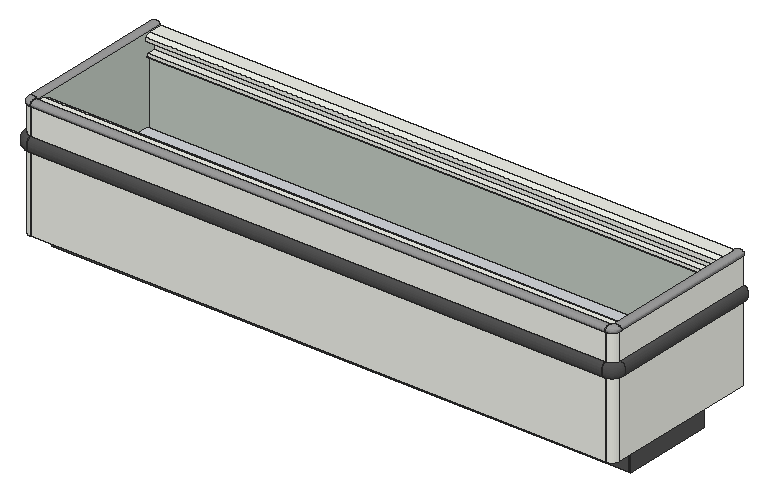
Revit family "F_2014", category Specialty Equipment, Revit 2014
Parameters (values of type "12'-0" Length")
  Width = 144 1/2"
  Waste Drain = 1 1/4"  # constant formula
  URL = "www.hussmann.com"
  Type Comments = "Excel"  # constant formula
  Trim = Stainless Steel
  Total Weight = Case Weight + (2 * End Weight)  # 1300.00 lbf
  Splashguard = Textured Sheet Metal (Steel Painted) - 701 Black
  Side Panel - Right [instance] = yes
  Side Panel - Left [instance] = yes
  Shelves = none
  Revit Family Date = "08/30/2016"  # constant formula
  Refrigeration Lines Suction = 5/8"  # constant formula
  Refrigeration Lines Liquid = 3/8"  # constant formula
  Refrig. Suction = "Suction"
  Refrig. Liquid = "Liquid"
  Number of Supports = if(Width < 50", 2, if(Width < 100", 3, 4))  # 4
  Note from Manufacturer = "This model only comes in 8'-0\" and 12'-0\" lengths."
  Model URL = "http://www.hussmann.com/en/product%20viewer/display-cases/F,%20FG"
  Model = "F"  # constant formula
  Manufacturer Disclaimer = "The information in this file is not intended to be an exact representation of the corresponding Hussmann product.  Further, we reserve the right to change or revise specifications and product design in connection with any feature of our products. Such changes do not entitle the buyer to corresponding changes, improvements, additions, or replacements for equipment previously sold or shipped."  # constant formula
  Manufacturer = "Hussmann Corporation"  # constant formula
  Height = 36 1/4"  # constant formula
  Glazing = none
  Ends = Textured Sheet Metal (Steel Painted) - 149 White Satin Matte
  End Weight = 50.00 lbf  # constant formula
  Description = "Single-Deck Wall Model for Frozen Food, Ice Cream or Medium Temp"  # constant formula
  Depth = 42"  # constant formula
  Cutsheet URL = "http://www.hussmann.com/en/Technical%20Documents/0465894_F_F_EN.pdf"
  Close Off Panel = Textured Sheet Metal (Steel Painted) - 701 Black
  Clearance [instance] = yes
  Case Weight = if(Width = 96 3/8", 1000.00 lbf, if(Width = 144 1/2", 1200.00 lbf, 0.00 lbf))  # 1200.00 lbf
  Case Interior - Side Panel = Mirror
  Case Interior - Back Panel = Mirror
  Case = Textured Sheet Metal (Steel Painted) - 149 White Satin Matte
  Bumper = Extruded PVC - 701 Black
  Back Clearance = 3"  # constant formula
  Assembly Code = ""
  Accessories/Options = ""
Types (3): name | Width | Trim | Total Weight | Number of Supports | Case Weight | Case Interior - Side Panel | Case Interior - Back Panel
  (no name) | 144 1/2" | Stainless Steel | 1300.00 lbf | 4 | 1200.00 lbf | Mirror | Mirror
  12'-0" Length | 144 1/2" | Stainless Steel | 1300.00 lbf | 4 | 1200.00 lbf | Mirror | Mirror
  8'-0" Length | 96 3/8" | Plastic - 144 Mist Gray | 1100.00 lbf | 3 | 1000.00 lbf | none | none
Reference planes (in)
  plane 1 "Back": y = 0
  plane 2 "Bottom": z = 0
  plane 3 "Top": z = 36.25
  plane 4 "Left": x = -77.30699
  plane 5 "Front": y = -42
  plane 6 "Center (Left/Right)": x = -5.05699
  plane 7: y = 3
  plane 8 "Right": x = 67.19301
Forms (in)
  Extrusion 1, solid, material "Metal - Copper"
    sketch origin (63.0625, 1.04319, 0) x (1, 0, 0) y (0, 1, 0)
      loop
        arc (-7.99449, -32.04319) -> (-8.43643, -32.22625) -> (-8.61949, -32.66819) r 0.625
        arc (-8.61949, -32.66819) -> (-8.43643, -33.11013) -> (-7.99449, -33.29319) r 0.625
        arc (-7.99449, -33.29319) -> (-7.55254, -33.11013) -> (-7.36949, -32.66819) r 0.625
        arc (-7.36949, -32.66819) -> (-7.55254, -32.22625) -> (-7.99449, -32.04319) r 0.625
      loop
        circle (-7.99449, -32.66819) r 0.5852
    from 6.42413 to 3.51473
  Extrusion 2, solid, material "Metal - Copper"
    sketch origin (57.40105, 5, -0.375) x (1, 0, 0) y (0, 1, 0)
      loop
        circle (1.47946, -31.25) r 0.28859
      loop
        circle (1.47946, -31.25) r 0.3125
    from 4.26162 to 0.375
  Extrusion 3, solid, material "Metal - Copper"
    sketch origin (59.82608, 5, -0.375) x (1, 0, 0) y (0, 1, 0)
      loop
        circle (-0.44557, -31.25) r 0.17188
      loop
        circle (-0.44557, -31.25) r 0.1875
    from 4.26162 to 0.375
  Extrusion 4, solid, material "Metal - Copper"
    sketch origin (-56.6875, 1.04319, 0) x (1, 0, 0) y (0, 1, 0)
      loop
        arc (-8.49449, -32.04319) -> (-8.93643, -32.22625) -> (-9.11949, -32.66819) r 0.625
        arc (-9.11949, -32.66819) -> (-8.93643, -33.11013) -> (-8.49449, -33.29319) r 0.625
        arc (-8.49449, -33.29319) -> (-8.05254, -33.11013) -> (-7.86949, -32.66819) r 0.625
        arc (-7.86949, -32.66819) -> (-8.05254, -32.22625) -> (-8.49449, -32.04319) r 0.625
      loop
        circle (-8.49449, -32.66819) r 0.5852
    from 6.42413 to 3.51473
  Extrusion 5, solid, material "Textured Sheet Metal (Steel Painted) - 149 White Satin Matte" <- "Case"
    sketch origin (-77.30699, 0, 0) x (0, 1, 0) y (0, 0, 1)
      loop
        line (-40.67411, 35.25) -> (-40.67411, 5.5) -> (-39.74516, 5.5) -> (-40.01909, 5.65823)
        arc (-40.01909, 5.65823) -> (-40.13349, 5.80284) -> (-40.11763, 5.98655) r 0.25
        line (-40.11763, 5.98655) -> (-38.96324, 8.29442) -> (-33.66557, 5.5) -> (-7.03566, 5.5) -> (0, 9.27218) -> (0, 35.25) -> (-3.61791, 35.25) -> (-4.73694, 34.69958) -> (-4.73694, 33.68893) -> (-2.15316, 33.68893) -> (-2.15316, 30.73195) -> (-4.10027, 30.73195) -> (-4.10027, 29.82853) -> (-3.64955, 29.45487) -> (-3.64955, 13.61303) -> (-37.02455, 13.61303) -> (-37.02455, 29.45487) -> (-36.47475, 29.8883) -> (-36.47475, 30.51434) -> (-38.50138, 30.51434) -> (-38.50138, 33.89417) -> (-35.70058, 33.89417) -> (-35.70058, 34.63371) -> (-36.86318, 35.25) -> (-40.67411, 35.25)
    from 0 to 144.5 <- "Width"
  Extrusion 6, solid, material "Extruded PVC - 701 Black" <- "Bumper"
    sketch origin (-77.30699, 0, 0) x (0, 1, 0) y (0, 0, 1)
      loop
        line (-40.67411, 24.69898) -> (-40.67411, 28.05102)
        spline (-40.67411, 28.05102) -> (-41.00406, 28.05295) -> (-41.32096, 27.91826) -> (-41.59899, 27.65791) -> (-41.81553, 27.2931) -> (-41.95292, 26.85353) -> (-42, 26.375) -> (-41.95292, 25.89647) -> (-41.81553, 25.4569) -> (-41.59899, 25.09209) -> (-41.32096, 24.83174) -> (-41.00406, 24.69705) -> (-40.67411, 24.69898)
    from 0 to 144.5 <- "Width"
  Extrusion 7, solid, material "Stainless Steel" <- "Trim"
    sketch origin (-77.30699, 0, 0) x (0, 1, 0) y (0, 0, 1)
      loop
        line (-40.67411, 34.70462) -> (-40.67411, 35.25) -> (-38.59899, 35.25)
        spline (-38.59899, 35.25) -> (-38.70255, 35.46124) -> (-38.89972, 35.64333) -> (-39.17272, 35.77984) -> (-39.49693, 35.85845) -> (-39.84308, 35.87207) -> (-40.17996, 35.81948) -> (-40.47718, 35.70542) -> (-40.70792, 35.54017) -> (-40.85137, 35.33866) -> (-40.89458, 35.11904) -> (-40.83366, 34.90114) -> (-40.67411, 34.70462)
    from 0 to 144.5 <- "Width"
  Extrusion 8, solid, material "Textured Sheet Metal (Steel Painted) - 701 Black" <- "Splashguard"
    sketch origin (-77.30699, 0, 0) x (0, 1, 0) y (0, 0, 1)
      loop
        line (-33.5, 5.12951) -> (-33.5, 0) -> (-32.9974, 0) -> (-32.9974, 5.45339) -> (-33.2674, 5.45339) -> (-33.5, 5.12951)
      loop
        line (-9.89705, 5.5) -> (-10.54366, 5.5) -> (-10.54366, 4.595) -> (-10.375, 4.595) -> (-10.375, 0) -> (-10.20634, 0) -> (-10.20634, 4.595) -> (-9.89705, 4.595) -> (-9.89705, 5.5)
    from 0 to 144.5 <- "Width"
  Extrusion 9, solid, material <- "Shelves"
    sketch origin (-77.30699, 0, 0) x (0, 1, 0) y (0, 0, 1)
      loop
        line (-36.44736, 14.20487) -> (-36.44736, 13.61303) -> (-4.25873, 13.61303) -> (-4.25873, 14.20487) -> (-36.44736, 14.20487)
    from 0 to 144.5 <- "Width"
Lines and regions (in)
  reference lines
    curve 1: line (-74.80699, -42, 0) -> (-74.80699, 0, 0)
    curve 2: line (-65.18199, -42, 0) -> (-65.18199, 0, 0)
    curve 3: line (55.06801, -42, 0) -> (55.06801, 0, 0)
    curve 4: line (64.69301, -42, 0) -> (64.69301, 0, 0)
    curve 5: line (59.19301, -42, 0) -> (59.19301, 0, 0)
    curve 6: line (-77.30699, -31.625, 0) -> (67.19301, -31.625, 0)
    curve 7: line (67.19301, -26.25, 0) -> (-77.30699, -26.25, 0)
  symbolic lines, style "Clearance", visible <- "Clearance"
    curve 8: line (-77.30699, 0, 0) -> (-77.30699, 3, 0)
    curve 9: line (-77.30699, 3, 0) -> (67.19301, 3, 0)
    curve 10: line (67.19301, 3, 0) -> (67.19301, 0, 0)
Dimensions and locks (in)
  equal spacing: plane 4 "Left", plane 6 "Center (Left/Right)", plane 8 "Right"
  "Width": plane 4 "Left" to plane 8 "Right"
  locked: plane 4 "Left" to curve 1 at 2.5
  locked: plane 4 "Left" to curve 2 at 12.125
  locked: curve 4 to plane 8 "Right" at 2.5
  locked: curve 3 to plane 8 "Right" at 12.125
  "Depth": plane 5 "Front" to plane 1 "Back"
  "Back Clearance": plane 1 "Back" to plane 7
  locked: curve 5 to plane 8 "Right" at 8
  "Height": plane 3 "Top" to level
  locked: plane 1 "Back" to curve 6 at 31.625
  locked: plane 1 "Back" to curve 7 at 26.25
  locked: Extrusion 4 sketch curve to Extrusion 4 sketch curve at 0.0398
  locked: Extrusion 1 sketch curve to Extrusion 1 sketch curve at 0.0398
  locked: Extrusion 3 sketch curve to Extrusion 3 sketch curve at 0.01562
  locked: Extrusion 2 sketch curve to Extrusion 2 sketch curve at 0.02391
  equal spacing: group 1, group 3, group 4, group 2  (x3)
  "Waste Drain": diameter of Extrusion 4 sketch curve
  "Waste Drain": diameter of Extrusion 1 sketch curve
  "Refrigeration Lines Liquid": diameter of Extrusion 3 sketch curve
  "Refrigeration Lines Suction": diameter of Extrusion 2 sketch curve
  aligned and locked: plane 5 "Front" to curve 3
  aligned and locked: plane 5 "Front" to curve 4
  aligned and locked: plane 5 "Front" to curve 2
  aligned and locked: plane 5 "Front" to curve 1
  aligned and locked: plane 4 "Left" to curve 6
  aligned and locked: plane 4 "Left" to curve 7
  aligned and locked: plane 8 "Right" to curve 7
  aligned and locked: plane 8 "Right" to curve 6
  aligned and locked: Extrusion 2 to level
  aligned and locked: Extrusion 3 to level
  aligned and locked: curve 7 to Extrusion 3 sketch curve  (x4)
  aligned and locked: curve 7 to Extrusion 2 sketch curve  (x4)
  aligned and locked: curve 6 to Extrusion 1 sketch curve  (x3)
  aligned and locked: curve 6 to Extrusion 4 sketch curve
  aligned and locked: curve 2 to Extrusion 4 sketch curve
  aligned and locked: curve 3 to Extrusion 1 sketch curve
  aligned and locked: curve 5 to Extrusion 3 sketch curve
  aligned and locked: curve 5 to Extrusion 2 sketch curve
  aligned and locked: curve 1 to nested 1
  aligned and locked: curve 4 to nested 2
  aligned and locked: plane 1 "Back" to nested 4
  aligned and locked: plane 4 "Left" to nested 4
  aligned and locked: plane 8 "Right" to nested 5
  aligned and locked: nested 5 to plane 1 "Back"
Automatic sketch dimensions
  curve 5 to plane 5 "Front" = 0"
  plane 1 "Back" to curve 3 = 0"
  plane 1 "Back" to curve 2 = 0"
  plane 1 "Back" to curve 1 = 0"
  plane 1 "Back" to curve 4 = 0"
  plane 1 "Back" to curve 5 = 0"
  Extrusion 5 sketch curve to plane 1 "Back" = 0"
  plane 1 "Back" to Extrusion 5 sketch curve = 2.15316"
  plane 3 "Top" to Extrusion 5 sketch curve = 1"  (x2)
  Extrusion 5 sketch curve to Extrusion 5 sketch curve = 1.46475"
  plane 1 "Back" to Extrusion 5 sketch curve = 3.64955"
  Extrusion 5 sketch curve to Extrusion 5 sketch curve = 0.45072"
  Extrusion 5 sketch curve to Extrusion 5 sketch curve = 1.11903"
  plane 1 "Back" to Extrusion 5 sketch curve = 7.03566"
  plane 5 "Front" to Extrusion 5 sketch curve = 8.33443"
  plane 3 "Top" to Extrusion 5 sketch curve = 1.61629"
  Extrusion 5 sketch curve to Extrusion 5 sketch curve = 0.77417"
  Extrusion 5 sketch curve to Extrusion 5 sketch curve = 1.1626"
  Extrusion 5 sketch curve to Extrusion 5 sketch curve = 0.5498"
  Extrusion 5 sketch curve to Extrusion 5 sketch curve = 1.47683"
  plane 5 "Front" to Extrusion 5 sketch curve = 3.03676"
  plane 5 "Front" to Extrusion 5 sketch curve = 2.25484"
  Extrusion 5 sketch curve to Extrusion 5 sketch curve = 0.14888"
  Extrusion 5 sketch curve to Extrusion 5 sketch curve = 0.12505"
  Extrusion 5 sketch curve to Extrusion 5 sketch curve = 0.22359"
  Extrusion 5 sketch curve to Extrusion 5 sketch curve = 0.73954"
  Extrusion 5 sketch curve to Extrusion 5 sketch curve = 1.56107"
  Extrusion 5 sketch curve to Extrusion 5 sketch curve = 2.95699"
  Extrusion 5 sketch curve to Extrusion 5 sketch curve = 3.37984"
  Extrusion 5 sketch curve to Extrusion 5 sketch curve = 0.62604"
  Extrusion 5 sketch curve to Extrusion 5 sketch curve = 0.90341"
  Extrusion 5 sketch curve to Extrusion 5 sketch curve = 0.43343"
  Extrusion 5 sketch curve to Extrusion 5 sketch curve = 0.37366"
  Extrusion 5 sketch curve to Extrusion 5 sketch curve = 4.34085"
  Extrusion 5 sketch curve to Extrusion 5 sketch curve = 5.31862"
  Extrusion 5 sketch curve to Extrusion 5 sketch curve = 2.30787"
  Extrusion 5 sketch curve to Extrusion 5 sketch curve = 0.11184"
  level to Extrusion 5 sketch curve = 5 1/2"  (x2)
  Extrusion 5 sketch curve to Extrusion 5 sketch curve = 0.15823"
  Extrusion 5 sketch curve to Extrusion 5 sketch curve = 1.01065"
  Extrusion 5 sketch curve to Extrusion 5 sketch curve = 0.65502"
  Extrusion 5 sketch curve to Extrusion 5 sketch curve = 2.17272"
  plane 5 "Front" to Extrusion 6 sketch curve = 1.15634"
  Extrusion 6 sketch curve to Extrusion 6 sketch curve = 0.16956"
  Extrusion 6 sketch curve to Extrusion 6 sketch curve = 1.67602"
  Extrusion 6 sketch curve to Extrusion 6 sketch curve = 0.01831"
  plane 5 "Front" to Extrusion 7 sketch curve = 1.32589"
  Extrusion 7 sketch curve to Extrusion 7 sketch curve = 0.93383"
  Extrusion 7 sketch curve to Extrusion 7 sketch curve = 1.14129"
  Extrusion 7 sketch curve to Extrusion 7 sketch curve = 0.0134"
  plane 3 "Top" to Extrusion 7 sketch curve = 1.11193"
  Extrusion 7 sketch curve to Extrusion 7 sketch curve = 0.54538"
  plane 5 "Front" to Extrusion 9 sketch curve = 5.55264"
  Extrusion 9 sketch curve to Extrusion 9 sketch curve = 0.59184"
  plane 1 "Back" to Extrusion 9 sketch curve = 4.25873"
  plane 1 "Back" to curve 8 = 0"
  plane 1 "Back" to curve 10 = 0"
  curve 8 to plane 4 "Left" = 0"
  curve 10 to plane 7 = 0"
  curve 10 to plane 8 "Right" = 0"
  Extrusion 8 sketch curve to level = 0"  (x2)
  plane 5 "Front" to Extrusion 8 sketch curve = 8 1/2"
  Extrusion 8 sketch curve to Extrusion 8 sketch curve = 0.2326"
  Extrusion 8 sketch curve to Extrusion 8 sketch curve = 0.27001"
  level to Extrusion 8 sketch curve = 4.595"
  plane 1 "Back" to Extrusion 8 sketch curve = 10.54366"
  Extrusion 8 sketch curve to Extrusion 8 sketch curve = 0.16866"  (x2)
  Extrusion 8 sketch curve to Extrusion 8 sketch curve = 0.6466"
  Extrusion 8 sketch curve to Extrusion 8 sketch curve = 0"
  Extrusion 8 sketch curve to Extrusion 8 sketch curve = 5.12951"
  Extrusion 8 sketch curve to Extrusion 8 sketch curve = 0.32388"
  Extrusion 8 sketch curve to Extrusion 8 sketch curve = 0.905"
  plane 3 "Top" to Extrusion 6 sketch curve = 11.55102"
  level to Extrusion 9 sketch curve = 13.61303"
  Extrusion 1 sketch curve to Extrusion 1 sketch curve = 0"  (x2)
  Extrusion 2 sketch curve to Extrusion 2 sketch curve = 0"
  Extrusion 3 sketch curve to Extrusion 3 sketch curve = 0"
  Extrusion 4 sketch curve to Extrusion 4 sketch curve = 0"  (x3)
Nested families (in)
  nested 1: "Floor Support-Low Profile" at (-74.6875, -10.375, 0), type "Floor Support-Low Profile"
    with Depth 19 7/8"
  nested 2: "Floor Support-Low Profile" at (64.8125, -10.375, 0), type "Floor Support-Low Profile"
    with Depth 19 7/8"
  nested 3: "Floor Support-Low Profile" at (-28.1875, -10.375, 0), type "Floor Support-Low Profile"
    with Depth 19 7/8"
  nested 4: "F-End Panel" at (-77.30699, 0, 0), visible <- "Side Panel - Left", type "F-End Panel"
  nested 5: "F-End Panel" at (67.19301, 0, 0) x (-1, 0, 0) z (0, 0, 1), visible <- "Side Panel - Right", type "F-End Panel"
  nested 6: "Floor Support-Low Profile" at (18.3125, -10.375, 0), type "Floor Support-Low Profile"
    with Depth 19 7/8"
Connectors (in)
  piping at (55.06801, -31.625, 3.51473), diameter 1.25, driven by "Waste Drain"
    settings: on Extrusion 1, index 8, connector inside diameter 1 1/4", connector length 0", flow factor 0, pipe flow 0 GPM, pressure drop 0.00 psi, fitting loss kfactor 0, connector angle 0.00°, fixture units 0, engagement length 0", angle of deflection 0.00°, flow configuration 0, flow direction 0, fitting loss method 0, system type 16, joint type 0, gender type 0, connector reference index -1, connector utility 0, adjustable connector no, is connector primary yes, connector description "1 1/4\""
  piping at (58.88051, -26.25, 0), diameter 0.625, driven by "Refrig. Suction", driven by "Refrigeration Lines Suction"
    settings: on Extrusion 2, index 9, connector inside diameter 7/8", connector length 0", flow factor 0, pipe flow 0 GPM, pressure drop 0.00 psi, fitting loss kfactor 0, connector angle 0.00°, fixture units 0, engagement length 0", angle of deflection 0.00°, flow configuration 0, flow direction 2, fitting loss method 0, system type 22, joint type 0, gender type 0, connector reference index -1, connector utility 0, adjustable connector no, is connector primary no, connector description "Suction"
  piping at (59.38051, -26.25, 0), diameter 0.375, driven by "Refrig. Liquid", driven by "Refrigeration Lines Liquid"
    settings: on Extrusion 3, index 10, connector inside diameter 3/8", connector length 0", flow factor 0, pipe flow 0 GPM, pressure drop 0.00 psi, fitting loss kfactor 0, connector angle 0.00°, fixture units 0, engagement length 0", angle of deflection 0.00°, flow configuration 0, flow direction 1, fitting loss method 0, system type 22, joint type 0, gender type 0, connector reference index -1, connector utility 0, adjustable connector no, is connector primary no, connector description "Liquid"
  piping at (-65.18199, -31.625, 3.51473), diameter 1.25, driven by "Waste Drain"
    settings: on Extrusion 4, index 11, connector inside diameter 1 1/4", connector length 0", flow factor 0, pipe flow 0 GPM, pressure drop 0.00 psi, fitting loss kfactor 0, connector angle 0.00°, fixture units 0, engagement length 0", angle of deflection 0.00°, flow configuration 0, flow direction 0, fitting loss method 0, system type 16, joint type 0, gender type 0, connector reference index -1, connector utility 0, adjustable connector no, is connector primary no, connector description ""
Definition of nested family "Floor Support-Low Profile"
  Parameters (values of type "Floor Support-Low Profile")
    Width = 4 1/4"
    URL = "www.hussmann.com"
    Type Comments = ""
    Revit Family Date = "06/25/2015"
    Model = ""
    Manufacturer = "Hussmann Corporation"
    Height = 2.18201"
    Floor Support = none
    Description = ""
    Depth = 26.227"
    Assembly Code = ""
    Accessories/Options = ""
  Reference planes (in)
    plane 1 "Back": y = 0
    plane 2 "Bottom": z = 0
    plane 3 "Top": z = 2.18201
    plane 4 "Left": x = -2.24449
    plane 5 "Right": x = 2.00551
    plane 6 "Front": y = -26.227
    plane 7 "Center (Left/Right)": x = -0.11949
  Forms (in)
    Extrusion 1, solid, material <- "Floor Support"
      sketch origin (-0.11949, 0, 0) x (0, 1, 0) y (0, 0, 1)
        loop
          line (-0.49701, 1.25001) -> (-0.49701, 0.05701) -> (-2.88301, 0.05701) -> (-2.88301, 1.25001) -> (-3.57001, 1.25001) -> (-3.57001, 1.193) -> (-2.94002, 1.193) -> (-2.94002, 0) -> (-0.44, 0) -> (-0.44, 1.25001) -> (-0.49701, 1.25001)
      from 2.125 to -2.125
    Extrusion 2, solid, material <- "Floor Support"
      sketch origin (-0.11949, 0, 0) x (0, 1, 0) y (0, 0, 1)
        loop
          line (-26.227, 2.18201) -> (-26.227, 1.25001) -> (0, 1.25001) -> (0, 3.38976) -> (-2.27145, 2.18201) -> (-26.227, 2.18201)
      from 2.125 to -2.125
    Extrusion 3, solid, material <- "Floor Support"
      sketch origin (-0.11949, -26.227, 0) x (0, -1, 0) y (0, 0, -1)
        loop
          line (-0.49701, -1.25001) -> (-0.44, -1.25001) -> (-0.44, 0) -> (-2.94002, 0) -> (-2.94002, -1.193) -> (-3.57001, -1.193) -> (-3.57001, -1.25001) -> (-2.88301, -1.25001) -> (-2.88301, -0.05701) -> (-0.49701, -0.05701) -> (-0.49701, -1.25001)
      from 2.125 to -2.125
  Dimensions and locks (in)
    equal spacing: plane 4 "Left", plane 7 "Center (Left/Right)", plane 5 "Right"
    "Width": plane 4 "Left" to plane 5 "Right"
    "Depth": plane 6 "Front" to plane 1 "Back"
    "Height": plane 3 "Top" to level
    aligned and locked: Extrusion 1 to plane 4 "Left"
    aligned and locked: plane 5 "Right" to Extrusion 1
    aligned and locked: Extrusion 2 to plane 4 "Left"
    aligned and locked: plane 5 "Right" to Extrusion 2
    aligned and locked: Extrusion 3 to plane 4 "Left"
    aligned and locked: plane 5 "Right" to Extrusion 3
  Automatic sketch dimensions
    Extrusion 1 sketch curve to level = 0"
    level to Extrusion 1 sketch curve = 1.193"
    plane 1 "Back" to Extrusion 1 sketch curve = 3.57001"
    Extrusion 1 sketch curve to Extrusion 1 sketch curve = 0.62999"
    Extrusion 1 sketch curve to Extrusion 1 sketch curve = 0.05701"  (x3)
    plane 1 "Back" to Extrusion 1 sketch curve = 0.49701"
    level to Extrusion 1 sketch curve = 0.05701"
    Extrusion 1 sketch curve to Extrusion 1 sketch curve = 1.193"
    Extrusion 2 sketch curve to plane 6 "Front" = 0"
    Extrusion 2 sketch curve to plane 1 "Back" = 0"
    plane 1 "Back" to Extrusion 2 sketch curve = 2.27145"
    level to Extrusion 2 sketch curve = 1 1/4"
    Extrusion 2 sketch curve to Extrusion 2 sketch curve = 0.932"
    Extrusion 2 sketch curve to Extrusion 2 sketch curve = 2.13975"
    Extrusion 3 sketch curve to level = 0"
    Extrusion 3 sketch curve to level = 1.193"
    Extrusion 3 sketch curve to plane 6 "Front" = 3.57001"
    Extrusion 3 sketch curve to Extrusion 3 sketch curve = 0.62999"
    Extrusion 3 sketch curve to Extrusion 3 sketch curve = 0.05701"  (x2)
    Extrusion 3 sketch curve to plane 6 "Front" = 0.49701"
    Extrusion 3 sketch curve to plane 6 "Front" = 0.44"
    Extrusion 3 sketch curve to level = 0.05701"
    Extrusion 3 sketch curve to Extrusion 3 sketch curve = 1.193"
Definition of nested family "F-End Panel"
  Parameters (values of type "F-End Panel")
    Trim = none
    Splashguard = Textured Sheet Metal (Steel Painted) - 701 Black
    Depth = 42"
    Case Interior - Side Panel = none
    Case = Textured Sheet Metal (Steel Painted) - 149 White Satin Matte
    Bumper = Extruded PVC - 701 Black
  Reference planes (in)
    plane 1 "Center (Front/Back)": y = 0
    plane 2: z = 0
    plane 3 "Center (Left/Right)": x = 0
    plane 4: y = -42
  Forms (in)
    Extrusion 1, solid, material "Textured Sheet Metal (Steel Painted) - 149 White Satin Matte" <- "Case"
      sketch origin (0, 0, 0) x (1, 0, 0) y (0, 1, 0)
        loop
          line (0, -40.67411) -> (0, 0) -> (-2, 0) -> (-2, -38.67411)
          arc (-2, -38.67411) -> (-1.41421, -40.08832) -> (0, -40.67411) r 2
      from 5.5 to 35.25
    Extrusion 2, solid, material "Textured Sheet Metal (Steel Painted) - 701 Black" <- "Splashguard"
      sketch origin (0, 0, 0) x (1, 0, 0) y (0, 1, 0)
        loop
          line (0, -10.375) -> (-0.48296, -10.375) -> (-0.48296, -33.5) -> (0, -33.5) -> (0, -10.375)
      from 0 to 5.5
    Sweep 3, solid, material "Extruded PVC - 701 Black" <- "Bumper"
      path in 3D
        loop
          arc (0, -40.67411, 35.25) -> (-1.41421, -40.08832, 35.25) -> (-2, -38.67411, 35.25) r 2
          line (-2, -38.67411, 35.25) -> (-2, 0, 35.25)
      profile origin (0, -40.67411, 35.25) x (0, -1, 0) y (0, 0, 1)
        loop
          line (0, -7.19898) -> (0, -10.55102)
          spline (0, -10.55102) -> (0.32996, -10.55295) -> (0.64685, -10.41826) -> (0.92489, -10.15791) -> (1.14142, -9.7931) -> (1.27882, -9.35353) -> (1.32589, -8.875) -> (1.27882, -8.39647) -> (1.14142, -7.9569) -> (0.92489, -7.59209) -> (0.64685, -7.33174) -> (0.32996, -7.19705) -> (0, -7.19898)
    Revolve 4, solid, material <- "Trim"
      sketch origin (0, -38.58559, 35.13807) x (0, 0, -1) y (0, -1, 0)
        loop
          line (-0.11193, 2.08852) -> (0.43345, 2.08852)
          spline (0.43345, 2.08852) -> (0.23693, 2.24807) -> (0.01903, 2.30899) -> (-0.20059, 2.26578) -> (-0.40211, 2.12233) -> (-0.56735, 1.89159) -> (-0.68141, 1.59437) -> (-0.73401, 1.25749) -> (-0.72038, 0.91134) -> (-0.64177, 0.58713) -> (-0.50526, 0.31413) -> (-0.32317, 0.11696) -> (-0.11193, 0.0134)
          line (-0.11193, 0.0134) -> (-0.11193, 2.08852)
        axis (0.43345, 0.0134) -> (-0.11193, 0.0134)
      angle from 0 to -90
    Extrusion 5, solid, material <- "Trim"
      sketch origin (0, -38.59899, 35.25) x (-1, 0, 0) y (0, 0, 1)
        loop
          spline (2.07512, -0.54538) -> (2.23467, -0.34886) -> (2.29559, -0.13096) -> (2.25237, 0.08865) -> (2.10893, 0.29017) -> (1.87819, 0.45542) -> (1.58098, 0.56948) -> (1.2441, 0.62207) -> (0.89794, 0.60845) -> (0.57374, 0.52983) -> (0.30073, 0.39333) -> (0.10356, 0.21124) -> (0, 0)
          line (0, 0) -> (2.07512, 0) -> (2.07512, -0.54538)
      from 0 to 38.59899
  Lines and regions (in)
    sketch lines
      curve 1: arc (0, -40.67411, 35.25) -> (-1.41421, -40.08832, 35.25) -> (-2, -38.67411, 35.25) r 2
      curve 2: line (-2, 0, 35.25) -> (-2, -38.67411, 35.25)
  Dimensions and locks (in)
    aligned and locked: level to plane 2
    aligned and locked: Extrusion 5 to Extrusion 1
    aligned and locked: Sweep 3 to Extrusion 1
